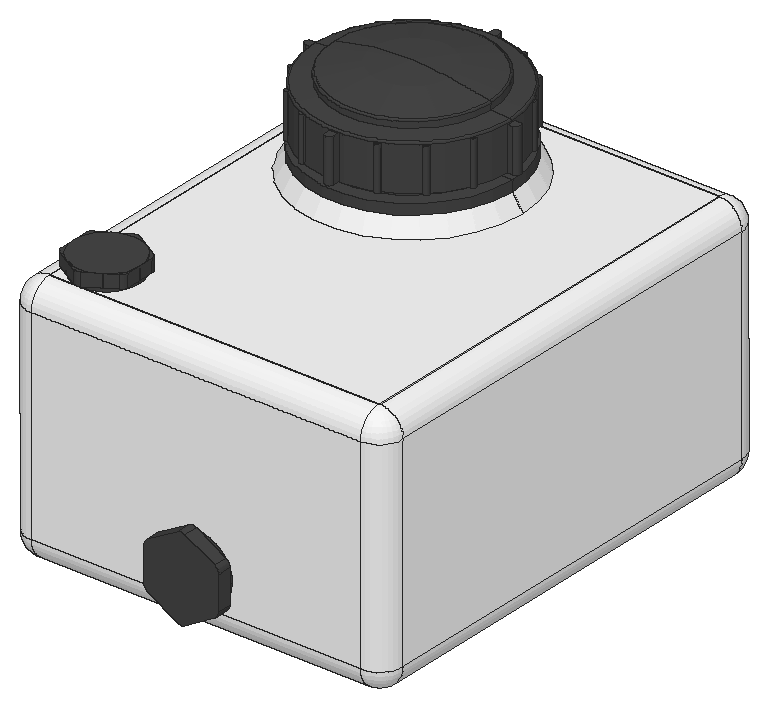
Revit family "Condensate_Neutralizers-Navien-Commercial", category Mechanical Equipment, host Face, Revit 2016
Family settings
  Host = Face
  Part Type = Normal
  Round Connector Dimension = Use Diameter
  OmniClass Number = 23.45.55.21
  OmniClass Title = Drains (Wastes)
  Cut with Voids When Loaded = No
  Shared = No
  Room Calculation Point = No
Parameters (values of type "Commercial Neutralizer - GXXX001325")
  Width = 15"  # constant formula
  Weight = 50.00 lbf  # constant formula
  Version = "2016 - v1.0.a"  # constant formula
  Vent = 0.75"  # constant formula
  URL = "https://www.navieninc.com"
  Type Comments = "Replacement Media Part No.: GXXX001329"  # constant formula
  Product Page URL = "https://www.navieninc.com/accessories/all"
  Product Name = "Light Commercial Neutralizer"  # constant formula
  Product Documentation Link = "Contact Navien for Product Documentation"
  Outlet = 1"  # constant formula
  Model = "GXXX001325"  # constant formula
  Material = ""
  Manufacturer Phone Number = "(949) 420-0420"  # constant formula
  Manufacturer Fax Number = "(949) 420-0430"  # constant formula
  Manufacturer Address = "20 Goodyear, Irvine, CA 92618"  # constant formula
  Manufacturer = "Navien, Inc."  # constant formula
  Keynote = ""
  Installation Type = "\u001fFloor Mounted. Place the neutralizer tank in a suitable area on the floor, then fill the empty tank with the proper\r\nneutralizing media to the maximum fill line."  # constant formula
  Inlet = 1"  # constant formula
  Height = 11.25"  # constant formula
  Flow Rate Note = "Max Flow Rate: 40 gph (151 lph)"  # constant formula
  Flow Rate = 0.15142 m³/h
  Finish = Plastic - Navien - White
  Description = "Neutralizer, Commercial – for up to 16 units"  # constant formula
  Depth = 12"  # constant formula
  Default Elevation = 48"
  Constraints = 6
  Copyright = "All contents copyright © Navien Inc."  # constant formula
  Assembly Code = ""
Reference planes (in)
  plane 1 "Center (Elevation)": y = 0
  plane 2: z = 0
  plane 3 "Center (Left/Right)": x = 0
  plane 4: x = 6
  plane 5: x = -6
  plane 6: y = 7.5
  plane 7: y = -7.5
  plane 8: x = -1.4999053
  plane 9: y = 2.9999031
  plane 10: z = 1.75
  plane 11: x = 3.7501473
  plane 12: z = 5.75
  plane 13: x = -4.25
  plane 14: y = -5.75
  plane 15: z = 1.75
  plane 16: x = -4.25
  plane 17: y = -5.75
Forms (in)
  Sweep 1, solid, material "Plastic - Navien - White" <- "Finish"
    path origin (0, 19.3238335, 4.3925) x (0, 1, 0) y (-1, 0, 0)
      loop
        line (-12.5738335, 6) -> (-26.0738335, 6)
        arc (-26.0738335, 6) -> (-26.6041636, 5.7803301) -> (-26.8238335, 5.25) r 0.75
        line (-26.8238335, 5.25) -> (-26.8238335, -5.25)
        arc (-26.8238335, -5.25) -> (-26.6041636, -5.7803301) -> (-26.0738335, -6) r 0.75
        line (-26.0738335, -6) -> (-12.5738335, -6)
        arc (-12.5738335, -6) -> (-12.0435035, -5.7803301) -> (-11.8238335, -5.25) r 0.75
        line (-11.8238335, -5.25) -> (-11.8238335, 5.25)
        arc (-11.8238335, 5.25) -> (-12.0435035, 5.7803301) -> (-12.5738335, 6) r 0.75
    profile origin (-6, 0, 4.3925) x (1, 0, 0) y (0, 0, 1)
      loop
        line (0, 2.8576327) -> (0, -3.6425)
        arc (0, -3.6425) -> (0.2117956, -4.1648371) -> (0.7275628, -4.3921643) r 0.75
        line (0.7275628, -4.3921643) -> (0.7275628, 3.607297)
        arc (0.7275628, 3.607297) -> (0.2117956, 3.3799698) -> (0, 2.8576327) r 0.75
  Extrusion 2, solid, material "Plastic - Navien - White" <- "Finish"
    sketch origin (0, 19.3238335, 4.3925) x (0, 1, 0) y (-1, 0, 0)
      loop
        arc (-12.5513963, 5.25) -> (-12.557968, 5.2658655) -> (-12.5738335, 5.2724372) r 0.0224372
        line (-12.5738335, 5.2724372) -> (-26.0738335, 5.2724372)
        arc (-26.0738335, 5.2724372) -> (-26.0896991, 5.2658655) -> (-26.0962708, 5.25) r 0.0224372
        line (-26.0962708, 5.25) -> (-26.0962708, -5.25)
        arc (-26.0962708, -5.25) -> (-26.0896991, -5.2658655) -> (-26.0738335, -5.2724372) r 0.0224372
        line (-26.0738335, -5.2724372) -> (-12.5738335, -5.2724372)
        arc (-12.5738335, -5.2724372) -> (-12.557968, -5.2658655) -> (-12.5513963, -5.25) r 0.0224372
        line (-12.5513963, -5.25) -> (-12.5513963, 5.25)
    from -4.3925 to 3.6074544
  Revolve 3, solid, material "Plastic - Navien - Black", detail levels medium+fine
    sketch origin (-1.787497, 2.9999031, 48) x (-1, 0, 0) y (0, 0, 1)
      loop
        line (2.211011, -37.3721655) -> (2.211011, -37.19005)
        arc (2.211011, -37.19005) -> (2.1979369, -37.1518946) -> (2.1642095, -37.129776) r 0.0622132
        arc (2.1642095, -37.129776) -> (0.9479747, -36.8987118) -> (-0.2875917, -36.8212946) r 9.896908
        line (-0.2875917, -36.8212946) -> (-0.2875917, -40.000203) -> (3.2134128, -40.000203) -> (2.9042022, -39.4646345) -> (2.9042022, -39.1339636) -> (2.4748544, -39.1339636) -> (2.4748544, -38.884144) -> (2.8487072, -38.884144) -> (2.8487072, -37.4848757)
        arc (2.8487072, -37.4848757) -> (2.834513, -37.4456415) -> (2.7985015, -37.4245707) r 0.0613209
        arc (2.7985015, -37.4245707) -> (2.5059795, -37.3846544) -> (2.211011, -37.3721655) r 3.165375
      axis (-0.2875917, -36.8212946) -> (-0.2875917, -40.000203)
    angle from 0 to 360
  Extrusion 4, solid, material "Plastic - Navien - Black", detail levels fine
    sketch origin (0, 19.3238335, 4.3925) x (0, 1, 0) y (-1, 0, 0)
      loop
        line (-13.011116, 1.629973) -> (-13.3442896, 1.629973) -> (-13.3442896, 1.3698317) -> (-13.011116, 1.3698317)
        arc (-13.011116, 1.3698317) -> (-12.8810453, 1.4999023) -> (-13.011116, 1.629973) r 0.1300707
      loop
        line (-13.4629524, 2.7858126) -> (-13.6900798, 2.6877613) -> (-13.6240071, 2.5215326) -> (-13.3916866, 2.6138756)
        arc (-13.3916866, 2.6138756) -> (-13.3400866, 2.7360011) -> (-13.4629524, 2.7858126) r 0.0930706
      loop
        arc (-16.1938628, 4.8127198) -> (-16.3239335, 4.9427904) -> (-16.4540041, 4.8127198) r 0.1300707
        line (-16.4540041, 4.8127198) -> (-16.4540041, 4.4795462) -> (-16.1938628, 4.4795462) -> (-16.1938628, 4.8127198)
      loop
        arc (-15.0380232, 4.3608833) -> (-15.0878347, 4.4837492) -> (-15.2099602, 4.4321491) r 0.0930706
        line (-15.2099602, 4.4321491) -> (-15.3023031, 4.1998287) -> (-15.1360745, 4.133756) -> (-15.0380232, 4.3608833)
      loop
        line (-14.1727307, 3.7826871) -> (-14.3450539, 3.6051888) -> (-14.2204031, 3.4768933) -> (-14.0410978, 3.6511047)
        arc (-14.0410978, 3.6511047) -> (-14.0401554, 3.7836804) -> (-14.1727307, 3.7826871) r 0.0930706
      loop
        arc (-13.4629524, 0.213998) -> (-13.3400866, 0.2638095) -> (-13.3916866, 0.385935) r 0.0930706
        line (-13.3916866, 0.385935) -> (-13.6240071, 0.478278) -> (-13.6900798, 0.3120493) -> (-13.4629524, 0.213998)
      loop
        line (-16.1938628, -1.8129092) -> (-16.1938628, -1.4797356) -> (-16.4540041, -1.4797356) -> (-16.4540041, -1.8129092)
        arc (-16.4540041, -1.8129092) -> (-16.3239335, -1.9429798) -> (-16.1938628, -1.8129092) r 0.1300707
      loop
        line (-15.0380232, -1.3610727) -> (-15.1360745, -1.1339454) -> (-15.3023031, -1.2000181) -> (-15.2099602, -1.4323386)
        arc (-15.2099602, -1.4323386) -> (-15.0878347, -1.4839386) -> (-15.0380232, -1.3610727) r 0.0930706
      loop
        arc (-14.1727307, -0.7828765) -> (-14.0401554, -0.7838698) -> (-14.0410978, -0.6512941) r 0.0930706
        line (-14.0410978, -0.6512941) -> (-14.2204031, -0.4770827) -> (-14.3450539, -0.6053783) -> (-14.1727307, -0.7828765)
      loop
        arc (-19.1849085, 2.7858126) -> (-19.3077744, 2.7360011) -> (-19.2561743, 2.6138756) r 0.0930706
        line (-19.2561743, 2.6138756) -> (-19.0238539, 2.5215326) -> (-18.9577812, 2.6877613) -> (-19.1849085, 2.7858126)
      loop
        line (-17.6098378, 4.3608833) -> (-17.5117865, 4.133756) -> (-17.3455578, 4.1998287) -> (-17.4379008, 4.4321491)
        arc (-17.4379008, 4.4321491) -> (-17.5600263, 4.4837492) -> (-17.6098378, 4.3608833) r 0.0930706
      loop
        arc (-18.4751302, 3.7826871) -> (-18.6077055, 3.7836804) -> (-18.6067632, 3.6511047) r 0.0930706
        line (-18.6067632, 3.6511047) -> (-18.4274579, 3.4768933) -> (-18.3028071, 3.6051888) -> (-18.4751302, 3.7826871)
      loop
        line (-19.1849085, 0.213998) -> (-18.9577812, 0.3120493) -> (-19.0238539, 0.478278) -> (-19.2561743, 0.385935)
        arc (-19.2561743, 0.385935) -> (-19.3077744, 0.2638095) -> (-19.1849085, 0.213998) r 0.0930706
      loop
        arc (-17.6098378, -1.3610727) -> (-17.5600263, -1.4839386) -> (-17.4379008, -1.4323386) r 0.0930706
        line (-17.4379008, -1.4323386) -> (-17.3455578, -1.2000181) -> (-17.5117865, -1.1339454) -> (-17.6098378, -1.3610727)
      loop
        line (-18.4751302, -0.7828765) -> (-18.3028071, -0.6053783) -> (-18.4274579, -0.4770827) -> (-18.6067632, -0.6512941)
        arc (-18.6067632, -0.6512941) -> (-18.6077055, -0.7838698) -> (-18.4751302, -0.7828765) r 0.0930706
      loop
        arc (-19.636745, 1.629973) -> (-19.7668156, 1.4999023) -> (-19.636745, 1.3698317) r 0.1300707
        line (-19.636745, 1.3698317) -> (-19.3035714, 1.3698317) -> (-19.3035714, 1.629973) -> (-19.636745, 1.629973)
    from 4.723356 to 6.1035109
  Extrusion 5, solid, material "Plastic - Navien - Black", detail levels medium+fine
    sketch origin (0, 0, 0) x (1, 0, 0) y (0, 0, 1)
      loop
        line (1.0623827, 2.5077045) -> (0.125, 3.0489027)
        arc (0.125, 3.0489027) -> (0, 3.0823964) -> (-0.125, 3.0489027) r 0.25
        line (-0.125, 3.0489027) -> (-1.0623827, 2.5077045)
        arc (-1.0623827, 2.5077045) -> (-1.1538891, 2.4161982) -> (-1.1873827, 2.2911982) r 0.25
        line (-1.1873827, 2.2911982) -> (-1.1873827, 1.2088018)
        arc (-1.1873827, 1.2088018) -> (-1.1538891, 1.0838018) -> (-1.0623827, 0.9922955) r 0.25
        line (-1.0623827, 0.9922955) -> (-0.125, 0.4510973)
        arc (-0.125, 0.4510973) -> (0, 0.4176036) -> (0.125, 0.4510973) r 0.25
        line (0.125, 0.4510973) -> (1.0623827, 0.9922955)
        arc (1.0623827, 0.9922955) -> (1.1538891, 1.0838018) -> (1.1873827, 1.2088018) r 0.25
        line (1.1873827, 1.2088018) -> (1.1873827, 2.2911982)
        arc (1.1873827, 2.2911982) -> (1.1538891, 2.4161982) -> (1.0623827, 2.5077045) r 0.25
    from 7.6440944 to 8.0940799
  Revolve 6, solid, material "Plastic - Navien - Black"
    sketch origin (-1.1873827, -180, 1.75) x (-1, 0, 0) y (0, -1, 0)
      loop
        line (-1.1873827, -172.5) -> (-0.0424487, -172.5) -> (-0.0424487, -172.3559056) -> (-1.1873827, -172.3559056) -> (-1.1873827, -172.5)
      axis (-1.1873827, -172.5) -> (-1.1873827, -172.3559056)
    angle from 0 to 360
  Extrusion 7, solid, material "Plastic - Navien - Black", detail levels medium+fine
    sketch origin (3.7501473, 0, 0) x (1, 0, 0) y (0, 0, -1)
      loop
        arc (1.0623827, -6.5077045) -> (1.1538891, -6.4161982) -> (1.1873827, -6.2911982) r 0.25
        line (1.1873827, -6.2911982) -> (1.1873827, -5.2088018)
        arc (1.1873827, -5.2088018) -> (1.1538891, -5.0838018) -> (1.0623827, -4.9922955) r 0.25
        line (1.0623827, -4.9922955) -> (0.125, -4.4510973)
        arc (0.125, -4.4510973) -> (0, -4.4176036) -> (-0.125, -4.4510973) r 0.25
        line (-0.125, -4.4510973) -> (-1.0623827, -4.9922955)
        arc (-1.0623827, -4.9922955) -> (-1.1538891, -5.0838018) -> (-1.1873827, -5.2088018) r 0.25
        line (-1.1873827, -5.2088018) -> (-1.1873827, -6.2911982)
        arc (-1.1873827, -6.2911982) -> (-1.1538891, -6.4161982) -> (-1.0623827, -6.5077045) r 0.25
        line (-1.0623827, -6.5077045) -> (-0.125, -7.0489027)
        arc (-0.125, -7.0489027) -> (0, -7.0823964) -> (0.125, -7.0489027) r 0.25
        line (0.125, -7.0489027) -> (1.0623827, -6.5077045)
    from 7.6440944 to 8.0940799
  Revolve 8, solid, material "Plastic - Navien - Black"
    sketch origin (1.6039114, -180, 5.75) x (-1, 0, 0) y (0, -1, 0)
      loop
        line (-2.1462358, -187.5) -> (-2.1462358, -187.6440944) -> (-1.0013018, -187.6440944) -> (-1.0013018, -187.5) -> (-2.1462358, -187.5)
      axis (-2.1462358, -187.5) -> (-2.1462358, -187.6440944)
    angle from 0 to 360
  Extrusion 9, solid, material "Plastic - Navien - Black", detail levels medium+fine
    sketch origin (0, 19.3238335, 4.3925) x (0, 1, 0) y (-1, 0, 0)
      loop
        line (-24.3972149, 3.3013084) -> (-23.9139332, 4.1383769)
        arc (-23.9139332, 4.1383769) -> (-23.8840239, 4.25) -> (-23.9139332, 4.3616231) r 0.2232462
        line (-23.9139332, 4.3616231) -> (-24.3972149, 5.1986916)
        arc (-24.3972149, 5.1986916) -> (-24.4789287, 5.2804054) -> (-24.5905518, 5.3103147) r 0.2232462
        line (-24.5905518, 5.3103147) -> (-25.5571153, 5.3103147)
        arc (-25.5571153, 5.3103147) -> (-25.6687384, 5.2804054) -> (-25.7504522, 5.1986916) r 0.2232462
        line (-25.7504522, 5.1986916) -> (-26.2337339, 4.3616231)
        arc (-26.2337339, 4.3616231) -> (-26.2636432, 4.25) -> (-26.2337339, 4.1383769) r 0.2232462
        line (-26.2337339, 4.1383769) -> (-25.7504522, 3.3013084)
        arc (-25.7504522, 3.3013084) -> (-25.6687384, 3.2195946) -> (-25.5571153, 3.1896853) r 0.2232462
        line (-25.5571153, 3.1896853) -> (-24.5905518, 3.1896853)
        arc (-24.5905518, 3.1896853) -> (-24.4789287, 3.2195946) -> (-24.3972149, 3.3013084) r 0.2232462
    from 3.7361405 to 4.1378449
  Revolve 10, solid, material "Plastic - Navien - Black"
    sketch origin (0, -5.7500449, 0) x (1, 0, 0) y (0, 0, 1)
      loop
        line (-4.25, 8.1286405) -> (-4.25, 7.9999544) -> (-3.2276274, 7.9999544) -> (-3.2276274, 8.1286405) -> (-4.25, 8.1286405)
      axis (-4.25, 8.1286405) -> (-4.25, 7.9999544)
    angle from 0 to 360
  Revolve 11, solid, material "Plastic - Navien - Black", detail levels coarse
    sketch origin (-1.787497, 2.9999031, 48) x (-1, 0, 0) y (0, 0, 1)
      loop
        line (2.211011, -37.3721655) -> (2.211011, -36.8212946) -> (-0.2875917, -36.8212946) -> (-0.2875917, -40.000203) -> (3.2134128, -40.000203) -> (2.9042022, -39.4646345) -> (2.9042022, -39.1339636) -> (2.8487072, -39.1339636) -> (2.8487072, -37.3721655) -> (2.211011, -37.3721655)
      axis (-0.2875917, -36.8212946) -> (-0.2875917, -40.000203)
    angle from 0 to 360
  Extrusion 12, solid, material "Plastic - Navien - Black", detail levels coarse
    sketch origin (0, 0, 0) x (1, 0, 0) y (0, 0, 1)
      loop
        circle (0, 1.75) r 1.1873827
    from 7.6440944 to 8.0940799
  Extrusion 13, solid, material "Plastic - Navien - Black", detail levels coarse
    sketch origin (3.7501473, 0, 0) x (1, 0, 0) y (0, 0, -1)
      loop
        circle (0, -5.75) r 1.1873827
    from 7.6440944 to 8.0940799
  Extrusion 14, solid, material "Plastic - Navien - Black"
    sketch origin (0, 19.3238335, 4.3925) x (0, 1, 0) y (-1, 0, 0)
      loop
        circle (-25.0738335, 4.25) r 1.0603147
    from 3.7361405 to 4.1378449
Dimensions and locks (in)
  locked: host sketch curve to plane 3 "Center (Left/Right)" at 24.1875  (x60)
  locked: host sketch curve to plane 1 "Center (Elevation)" at 22  (x60)
  plane 10 to level = 1.75"
  plane 12 to level = 5.75"
  plane 5 to plane 13 = 1.75"
  plane 14 to plane 7 = 1.75"
  locked: Sweep 1 to plane 3 "Center (Left/Right)" at 6  (x4)
  locked: Sweep 1 to plane 3 "Center (Left/Right)" at 5.2724372  (x4)
  locked: Sweep 1 sketch curve to plane 3 "Center (Left/Right)" at 6  (x30)
  locked: Sweep 1 sketch curve to plane 3 "Center (Left/Right)" at 5.25  (x16)
  locked: Sweep 1 sketch curve to plane 3 "Center (Left/Right)" at 4.5  (x6)
  locked: Sweep 1 sketch curve to plane 3 "Center (Left/Right)" at 5.2724372  (x10)
  locked: Sweep 1 to plane 1 "Center (Elevation)" at 7.5  (x4)
  locked: Sweep 1 to plane 1 "Center (Elevation)" at 6.7724372  (x4)
  locked: Sweep 1 sketch curve to plane 1 "Center (Elevation)" at 6.75  (x16)
  locked: Sweep 1 sketch curve to plane 1 "Center (Elevation)" at 7.5  (x20)
  locked: Sweep 1 sketch curve to plane 1 "Center (Elevation)" at 6  (x4)
  locked: Sweep 1 sketch curve to level at 4.3925  (x48)
  locked: Sweep 1 sketch curve to level at 0.75  (x4)
  locked: Sweep 1 sketch curve to level at 0
  locked: Sweep 1 sketch curve to level at 7.999797  (x4)
  locked: Sweep 1 sketch curve to level at 7.2501327  (x4)
  locked: Sweep 1 sketch curve to level at 6.5001327
  locked: Extrusion 2 to plane 3 "Center (Left/Right)" at 5.2724372  (x4)
  locked: Extrusion 2 sketch curve to plane 3 "Center (Left/Right)" at 5.2724372  (x20)
  locked: Extrusion 2 sketch curve to plane 3 "Center (Left/Right)" at 5.25  (x16)
  locked: Extrusion 2 sketch curve to plane 3 "Center (Left/Right)" at 5.2275628  (x4)
  locked: Extrusion 2 to plane 1 "Center (Elevation)" at 6.7724372  (x4)
  locked: Extrusion 2 sketch curve to plane 1 "Center (Elevation)" at 6.75  (x16)
  locked: Extrusion 2 sketch curve to plane 1 "Center (Elevation)" at 6.7724372  (x20)
  locked: Extrusion 2 sketch curve to plane 1 "Center (Elevation)" at 6.7275628  (x4)
  locked: Extrusion 2 to level at 7.9999544  (x2)
  locked: Extrusion 2 sketch curve to level at 4.3925  (x48)
  locked: Revolve 3 sketch curve to plane 3 "Center (Left/Right)" at 3.998508  (x10)
  locked: Revolve 3 sketch curve to plane 3 "Center (Left/Right)" at 3.9517065  (x4)
  locked: Revolve 3 sketch curve to plane 3 "Center (Left/Right)" at 1.4999053  (x16)
  locked: Revolve 3 sketch curve to plane 3 "Center (Left/Right)" at 5.0009098  (x4)
  locked: Revolve 3 sketch curve to plane 3 "Center (Left/Right)" at 4.6916992  (x10)
  locked: Revolve 3 sketch curve to plane 3 "Center (Left/Right)" at 4.2623513  (x10)
  locked: Revolve 3 sketch curve to plane 3 "Center (Left/Right)" at 4.6362042  (x10)
  locked: Revolve 3 sketch curve to plane 3 "Center (Left/Right)" at 4.5859985  (x4)
  locked: Revolve 3 sketch curve to plane 1 "Center (Elevation)" at 2.9999031  (x84)
  locked: Revolve 3 sketch curve to plane 3 "Center (Left/Right)" at 3.8740816
  locked: plane 3 "Center (Left/Right)" to Revolve 3 sketch curve at 11.3969084
  locked: Revolve 3 sketch curve to plane 3 "Center (Left/Right)" at 4.5135625
  locked: Revolve 3 sketch curve to plane 3 "Center (Left/Right)" at 0.8468613
  locked: Revolve 3 to level at 9.115856  (x4)
  locked: Revolve 3 to level at 8.8660364  (x4)
  locked: Revolve 3 to level at 7.999797  (x4)
  locked: Revolve 3 sketch curve to level at 10.80995  (x4)
  locked: Revolve 3 sketch curve to level at 10.870224  (x4)
  locked: Revolve 3 sketch curve to level at 10.7477368
  locked: Revolve 3 sketch curve to level at 11.1787054  (x4)
  locked: level to Revolve 3 sketch curve at 8.6151106
  locked: Revolve 3 sketch curve to level at 7.999797  (x10)
  locked: Revolve 3 sketch curve to level at 8.5353655  (x4)
  locked: Revolve 3 sketch curve to level at 8.8660364  (x10)
  locked: Revolve 3 sketch curve to level at 9.115856  (x10)
  locked: Revolve 3 sketch curve to level at 10.5151243  (x4)
  locked: Revolve 3 sketch curve to level at 10.5754293  (x4)
  locked: Revolve 3 sketch curve to level at 10.4538034
  locked: Revolve 3 sketch curve to level at 10.6278345  (x4)
  locked: Revolve 3 sketch curve to level at 4.2971142
  locked: Revolve 3 sketch curve to level at 15.2499544  (x2)
  locked: Revolve 3 sketch curve to level at 1.8797416  (x2)
  locked: Extrusion 4 to plane 3 "Center (Left/Right)" at 1.3698317  (x4)
  locked: Extrusion 4 to plane 3 "Center (Left/Right)" at 1.629973  (x4)
  locked: Extrusion 4 to plane 3 "Center (Left/Right)" at 4.4795462  (x2)
  locked: Extrusion 4 to plane 3 "Center (Left/Right)" at 1.4797356  (x2)
  locked: Extrusion 4 sketch curve to plane 3 "Center (Left/Right)" at 1.629973  (x20)
  locked: Extrusion 4 sketch curve to plane 3 "Center (Left/Right)" at 1.3698317  (x22)
  locked: Extrusion 4 sketch curve to plane 3 "Center (Left/Right)" at 2.6138756  (x8)
  locked: Extrusion 4 sketch curve to plane 3 "Center (Left/Right)" at 2.5215326  (x8)
  locked: Extrusion 4 sketch curve to plane 3 "Center (Left/Right)" at 2.6877613  (x8)
  locked: Extrusion 4 sketch curve to plane 3 "Center (Left/Right)" at 2.7858126  (x8)
  locked: Extrusion 4 sketch curve to plane 3 "Center (Left/Right)" at 2.6072938  (x2)
  locked: Extrusion 4 sketch curve to plane 3 "Center (Left/Right)" at 4.4795462  (x10)
  locked: Extrusion 4 sketch curve to plane 3 "Center (Left/Right)" at 4.8127198  (x8)
  locked: Extrusion 4 sketch curve to plane 3 "Center (Left/Right)" at 4.6826491
  locked: Extrusion 4 sketch curve to plane 3 "Center (Left/Right)" at 4.4321491  (x8)
  locked: Extrusion 4 sketch curve to plane 3 "Center (Left/Right)" at 4.1998287  (x8)
  locked: Extrusion 4 sketch curve to plane 3 "Center (Left/Right)" at 4.133756  (x8)
  locked: Extrusion 4 sketch curve to plane 3 "Center (Left/Right)" at 4.3608833  (x8)
  locked: Extrusion 4 sketch curve to plane 3 "Center (Left/Right)" at 4.3047009  (x2)
  locked: Extrusion 4 sketch curve to plane 3 "Center (Left/Right)" at 3.6511047  (x8)
  locked: Extrusion 4 sketch curve to plane 3 "Center (Left/Right)" at 3.4768933  (x8)
  locked: Extrusion 4 sketch curve to plane 3 "Center (Left/Right)" at 3.6051888  (x8)
  locked: Extrusion 4 sketch curve to plane 3 "Center (Left/Right)" at 3.7826871  (x8)
  locked: Extrusion 4 sketch curve to plane 3 "Center (Left/Right)" at 3.6247863  (x2)
  locked: Extrusion 4 sketch curve to plane 3 "Center (Left/Right)" at 0.385935  (x8)
  locked: Extrusion 4 sketch curve to plane 3 "Center (Left/Right)" at 0.478278  (x8)
  locked: Extrusion 4 sketch curve to plane 3 "Center (Left/Right)" at 0.3120493  (x8)
  locked: Extrusion 4 sketch curve to plane 3 "Center (Left/Right)" at 0.213998  (x8)
  locked: Extrusion 4 sketch curve to plane 3 "Center (Left/Right)" at 0.2063756  (x2)
  locked: Extrusion 4 sketch curve to plane 3 "Center (Left/Right)" at 1.4797356  (x10)
  locked: Extrusion 4 sketch curve to plane 3 "Center (Left/Right)" at 1.8129092  (x8)
  locked: Extrusion 4 sketch curve to plane 3 "Center (Left/Right)" at 1.6828385
  locked: Extrusion 4 sketch curve to plane 3 "Center (Left/Right)" at 1.4323386  (x8)
  locked: Extrusion 4 sketch curve to plane 3 "Center (Left/Right)" at 1.2000181  (x8)
  locked: Extrusion 4 sketch curve to plane 3 "Center (Left/Right)" at 1.1339454  (x8)
  locked: Extrusion 4 sketch curve to plane 3 "Center (Left/Right)" at 1.3610727  (x8)
  locked: Extrusion 4 sketch curve to plane 3 "Center (Left/Right)" at 1.3048903  (x2)
  locked: Extrusion 4 sketch curve to plane 3 "Center (Left/Right)" at 0.6512941  (x8)
  locked: Extrusion 4 sketch curve to plane 3 "Center (Left/Right)" at 0.4770827  (x8)
  locked: Extrusion 4 sketch curve to plane 3 "Center (Left/Right)" at 0.6053783  (x8)
  locked: Extrusion 4 sketch curve to plane 3 "Center (Left/Right)" at 0.7828765  (x8)
  locked: Extrusion 4 sketch curve to plane 3 "Center (Left/Right)" at 0.6249757  (x2)
  locked: Extrusion 4 to plane 1 "Center (Elevation)" at 5.979544  (x2)
  locked: Extrusion 4 to plane 1 "Center (Elevation)" at 3.1299708  (x4)
  locked: Extrusion 4 to plane 1 "Center (Elevation)" at 2.8698294  (x4)
  locked: Extrusion 4 sketch curve to plane 1 "Center (Elevation)" at 5.979544  (x10)
  locked: Extrusion 4 sketch curve to plane 1 "Center (Elevation)" at 6.3127175  (x8)
  locked: Extrusion 4 sketch curve to plane 1 "Center (Elevation)" at 6.1826469
  locked: Extrusion 4 sketch curve to plane 1 "Center (Elevation)" at 5.9321469  (x8)
  locked: Extrusion 4 sketch curve to plane 1 "Center (Elevation)" at 5.6998265  (x8)
  locked: Extrusion 4 sketch curve to plane 1 "Center (Elevation)" at 5.6337538  (x8)
  locked: Extrusion 4 sketch curve to plane 1 "Center (Elevation)" at 5.8608811  (x8)
  locked: Extrusion 4 sketch curve to plane 1 "Center (Elevation)" at 5.8046987  (x2)
  locked: Extrusion 4 sketch curve to plane 1 "Center (Elevation)" at 3.1299708  (x20)
  locked: Extrusion 4 sketch curve to plane 1 "Center (Elevation)" at 2.8698294  (x22)
  locked: Extrusion 4 sketch curve to plane 1 "Center (Elevation)" at 4.1138734  (x8)
  locked: Extrusion 4 sketch curve to plane 1 "Center (Elevation)" at 4.0215304  (x8)
  locked: Extrusion 4 sketch curve to plane 1 "Center (Elevation)" at 4.1877591  (x8)
  locked: Extrusion 4 sketch curve to plane 1 "Center (Elevation)" at 4.2858104  (x8)
  locked: Extrusion 4 sketch curve to plane 1 "Center (Elevation)" at 4.1072916  (x2)
  locked: Extrusion 4 sketch curve to plane 1 "Center (Elevation)" at 5.2827357  (x8)
  locked: Extrusion 4 sketch curve to plane 1 "Center (Elevation)" at 5.1034304  (x8)
  locked: Extrusion 4 sketch curve to plane 1 "Center (Elevation)" at 4.9787797  (x8)
  locked: Extrusion 4 sketch curve to plane 1 "Center (Elevation)" at 5.1511028  (x8)
  locked: Extrusion 4 sketch curve to plane 1 "Center (Elevation)" at 5.1248093  (x2)
  locked: Extrusion 4 sketch curve to plane 1 "Center (Elevation)" at 0.0676592  (x8)
  locked: Extrusion 4 sketch curve to plane 1 "Center (Elevation)" at 0.2999796  (x8)
  locked: Extrusion 4 sketch curve to plane 1 "Center (Elevation)" at 0.3660524  (x8)
  locked: Extrusion 4 sketch curve to plane 1 "Center (Elevation)" at 0.138925  (x8)
  locked: Extrusion 4 sketch curve to plane 1 "Center (Elevation)" at 0.0089663  (x2)
  locked: Extrusion 4 sketch curve to plane 1 "Center (Elevation)" at 1.8859328  (x8)
  locked: Extrusion 4 sketch curve to plane 1 "Center (Elevation)" at 1.9782757  (x8)
  locked: Extrusion 4 sketch curve to plane 1 "Center (Elevation)" at 1.8120471  (x8)
  locked: Extrusion 4 sketch curve to plane 1 "Center (Elevation)" at 1.7139958  (x8)
  locked: Extrusion 4 sketch curve to plane 1 "Center (Elevation)" at 1.7063734  (x2)
  locked: Extrusion 4 sketch curve to plane 1 "Center (Elevation)" at 0.7170704  (x8)
  locked: Extrusion 4 sketch curve to plane 1 "Center (Elevation)" at 0.8963757  (x8)
  locked: Extrusion 4 sketch curve to plane 1 "Center (Elevation)" at 1.0210265  (x8)
  locked: Extrusion 4 sketch curve to plane 1 "Center (Elevation)" at 0.8487033  (x8)
  locked: Extrusion 4 sketch curve to plane 1 "Center (Elevation)" at 0.6888556  (x2)
  locked: Extrusion 4 sketch curve to plane 1 "Center (Elevation)" at 0.3129114  (x8)
  locked: Extrusion 4 sketch curve to plane 1 "Center (Elevation)" at 0.1828408
  locked: Extrusion 4 to level at 10.4960109  (x2)
  locked: Extrusion 4 to level at 9.115856  (x2)
  locked: Extrusion 4 sketch curve to level at 4.3925  (x384)
  locked: Extrusion 5 to plane 3 "Center (Left/Right)" at 1.1873827  (x4)
  locked: Extrusion 5 sketch curve to plane 3 "Center (Left/Right)" at 0.125  (x16)
  locked: Extrusion 5 sketch curve to plane 3 "Center (Left/Right)" at 1.0623827  (x16)
  locked: Extrusion 5 sketch curve to plane 3 "Center (Left/Right)" at 1.1873827  (x20)
  locked: Extrusion 5 to plane 1 "Center (Elevation)" at 8.0940799  (x2)
  locked: Extrusion 5 to plane 1 "Center (Elevation)" at 7.6440944  (x2)
  locked: plane 3 "Center (Left/Right)" to Extrusion 5 sketch curve at 0.25  (x2)
  locked: Extrusion 5 sketch curve to plane 3 "Center (Left/Right)" at 0.6873827  (x4)
  locked: Extrusion 5 sketch curve to level at 3.0489027  (x8)
  locked: Extrusion 5 sketch curve to level at 2.5823964
  locked: Extrusion 5 sketch curve to level at 2.5077045  (x8)
  locked: Extrusion 5 sketch curve to level at 2.2911982  (x8)
  locked: Extrusion 5 sketch curve to level at 2.0411982  (x2)
  locked: Extrusion 5 sketch curve to level at 1.2088018  (x8)
  locked: Extrusion 5 sketch curve to level at 0.9922955  (x8)
  locked: Extrusion 5 sketch curve to level at 0.9588018  (x2)
  locked: Extrusion 5 sketch curve to level at 0.4510973  (x8)
  locked: Extrusion 5 sketch curve to level at 0.4176036
  locked: Revolve 6 sketch curve to plane 3 "Center (Left/Right)" at 1.144934  (x10)
  locked: Revolve 6 to plane 1 "Center (Elevation)" at 7.6440944  (x4)
  locked: Revolve 6 to plane 1 "Center (Elevation)" at 7.5  (x4)
  locked: Revolve 6 sketch curve to plane 1 "Center (Elevation)" at 7.5  (x10)
  locked: Revolve 6 sketch curve to plane 1 "Center (Elevation)" at 7.6440944  (x10)
  locked: Revolve 6 sketch curve to plane 1 "Center (Elevation)" at 4.8401091  (x2)
  locked: Revolve 6 sketch curve to plane 1 "Center (Elevation)" at 9.9508442  (x2)
  locked: Revolve 6 sketch curve to level at 1.75  (x30)
  locked: Extrusion 7 to plane 3 "Center (Left/Right)" at 4.93753  (x2)
  locked: Extrusion 7 to plane 3 "Center (Left/Right)" at 2.5627645  (x2)
  locked: Extrusion 7 sketch curve to plane 3 "Center (Left/Right)" at 3.8751473  (x8)
  locked: Extrusion 7 sketch curve to plane 3 "Center (Left/Right)" at 3.6251473  (x8)
  locked: Extrusion 7 sketch curve to plane 3 "Center (Left/Right)" at 2.6877645  (x8)
  locked: Extrusion 7 sketch curve to plane 3 "Center (Left/Right)" at 2.5627645  (x12)
  locked: Extrusion 7 sketch curve to plane 3 "Center (Left/Right)" at 4.81253  (x8)
  locked: Extrusion 7 sketch curve to plane 3 "Center (Left/Right)" at 4.93753  (x10)
  locked: Extrusion 7 to plane 1 "Center (Elevation)" at 8.0940799  (x2)
  locked: Extrusion 7 to plane 1 "Center (Elevation)" at 7.6440944  (x2)
  locked: Extrusion 7 sketch curve to plane 3 "Center (Left/Right)" at 3.5001473  (x2)
  locked: Extrusion 7 sketch curve to plane 3 "Center (Left/Right)" at 4.43753  (x2)
  locked: Extrusion 7 sketch curve to level at 7.0489027  (x8)
  locked: Extrusion 7 sketch curve to level at 6.5823964
  locked: Extrusion 7 sketch curve to level at 6.5077045  (x8)
  locked: Extrusion 7 sketch curve to level at 6.2911982  (x8)
  locked: Extrusion 7 sketch curve to level at 6.0411982  (x2)
  locked: Extrusion 7 sketch curve to level at 5.2088018  (x8)
  locked: Extrusion 7 sketch curve to level at 4.9922955  (x8)
  locked: Extrusion 7 sketch curve to level at 4.9588018  (x2)
  locked: Extrusion 7 sketch curve to level at 4.4510973  (x8)
  locked: Extrusion 7 sketch curve to level at 4.4176036
  locked: Revolve 8 sketch curve to plane 3 "Center (Left/Right)" at 2.6052132  (x10)
  locked: Revolve 8 sketch curve to plane 3 "Center (Left/Right)" at 3.7501473  (x16)
  locked: Revolve 8 to plane 1 "Center (Elevation)" at 7.6440944  (x4)
  locked: Revolve 8 to plane 1 "Center (Elevation)" at 7.5  (x4)
  locked: Revolve 8 sketch curve to plane 1 "Center (Elevation)" at 7.5  (x10)
  locked: Revolve 8 sketch curve to plane 1 "Center (Elevation)" at 7.6440944  (x10)
  locked: Revolve 8 sketch curve to plane 1 "Center (Elevation)" at 4.8401091  (x2)
  locked: Revolve 8 sketch curve to plane 1 "Center (Elevation)" at 9.9508442  (x2)
  locked: Revolve 8 sketch curve to level at 5.75  (x30)
  locked: Extrusion 9 to plane 3 "Center (Left/Right)" at 5.3103147  (x2)
  locked: Extrusion 9 to plane 3 "Center (Left/Right)" at 3.1896853  (x2)
  locked: Extrusion 9 sketch curve to plane 3 "Center (Left/Right)" at 4.1383769  (x8)
  locked: Extrusion 9 sketch curve to plane 3 "Center (Left/Right)" at 4.3616231  (x8)
  locked: Extrusion 9 sketch curve to plane 3 "Center (Left/Right)" at 4.0267538  (x2)
  locked: Extrusion 9 sketch curve to plane 3 "Center (Left/Right)" at 5.1986916  (x8)
  locked: Extrusion 9 sketch curve to plane 3 "Center (Left/Right)" at 5.3103147  (x10)
  locked: Extrusion 9 sketch curve to plane 3 "Center (Left/Right)" at 4.8638223  (x2)
  locked: Extrusion 9 sketch curve to plane 3 "Center (Left/Right)" at 3.3013084  (x8)
  locked: Extrusion 9 sketch curve to plane 3 "Center (Left/Right)" at 3.1896853  (x12)
  locked: Extrusion 9 sketch curve to plane 1 "Center (Elevation)" at 4.5900996  (x8)
  locked: Extrusion 9 sketch curve to plane 1 "Center (Elevation)" at 4.5601903
  locked: Extrusion 9 sketch curve to plane 1 "Center (Elevation)" at 5.0733814  (x8)
  locked: Extrusion 9 sketch curve to plane 1 "Center (Elevation)" at 5.2667183  (x8)
  locked: Extrusion 9 sketch curve to plane 1 "Center (Elevation)" at 5.0434721  (x2)
  locked: Extrusion 9 sketch curve to plane 1 "Center (Elevation)" at 6.2332817  (x8)
  locked: Extrusion 9 sketch curve to plane 1 "Center (Elevation)" at 6.4266186  (x8)
  locked: Extrusion 9 sketch curve to plane 1 "Center (Elevation)" at 6.0100355  (x2)
  locked: Extrusion 9 sketch curve to plane 1 "Center (Elevation)" at 6.9099004  (x8)
  locked: Extrusion 9 sketch curve to plane 1 "Center (Elevation)" at 6.4933173
  locked: Extrusion 9 to level at 8.5303449  (x2)
  locked: Extrusion 9 to level at 8.1286405  (x2)
  locked: Extrusion 9 sketch curve to level at 4.3925  (x72)
  locked: Revolve 10 sketch curve to plane 3 "Center (Left/Right)" at 3.2276274  (x10)
  locked: Revolve 10 sketch curve to plane 3 "Center (Left/Right)" at 4.25  (x16)
  locked: Revolve 10 sketch curve to plane 1 "Center (Elevation)" at 5.7500449  (x30)
  locked: Revolve 10 to level at 8.1286405  (x4)
  locked: Revolve 10 to level at 7.9999544  (x4)
  locked: Revolve 10 sketch curve to level at 8.1286405  (x12)
  locked: Revolve 10 sketch curve to level at 7.9999544  (x10)
  locked: Revolve 10 sketch curve to level at 6.7948994  (x2)
  locked: Revolve 11 sketch curve to plane 3 "Center (Left/Right)" at 1.4999053  (x16)
  locked: Revolve 11 sketch curve to plane 3 "Center (Left/Right)" at 3.998508  (x10)
  locked: Revolve 11 sketch curve to plane 3 "Center (Left/Right)" at 5.0009098  (x4)
  locked: Revolve 11 sketch curve to plane 3 "Center (Left/Right)" at 4.6916992  (x10)
  locked: Revolve 11 sketch curve to plane 3 "Center (Left/Right)" at 4.6362042  (x10)
  locked: Revolve 11 sketch curve to plane 1 "Center (Elevation)" at 2.9999031  (x60)
  locked: Revolve 11 to level at 7.999797  (x4)
  locked: Revolve 11 to level at 11.1787054  (x4)
  locked: Revolve 11 to level at 8.8660364  (x4)
  locked: Revolve 11 to level at 10.6278345  (x4)
  locked: Revolve 11 sketch curve to level at 11.1787054  (x10)
  locked: Revolve 11 sketch curve to level at 7.999797  (x10)
  locked: Revolve 11 sketch curve to level at 8.5353655  (x4)
  locked: Revolve 11 sketch curve to level at 8.8660364  (x10)
  locked: Revolve 11 sketch curve to level at 10.6278345  (x10)
  locked: Revolve 11 sketch curve to level at 15.2499544  (x2)
  locked: Revolve 11 sketch curve to level at 1.8797416  (x2)
  locked: Extrusion 12 to plane 1 "Center (Elevation)" at 8.0940799  (x2)
  locked: Extrusion 12 to plane 1 "Center (Elevation)" at 7.6440944  (x2)
  locked: plane 3 "Center (Left/Right)" to Extrusion 12 sketch curve at 1.1873827  (x2)
  locked: Extrusion 12 sketch curve to level at 0.5626173  (x2)
  locked: Extrusion 13 to plane 1 "Center (Elevation)" at 8.0940799  (x2)
  locked: Extrusion 13 to plane 1 "Center (Elevation)" at 7.6440944  (x2)
  locked: Extrusion 13 sketch curve to plane 3 "Center (Left/Right)" at 2.5627645  (x2)
  locked: Extrusion 13 sketch curve to level at 4.5626173  (x2)
  locked: Extrusion 14 sketch curve to plane 3 "Center (Left/Right)" at 3.1896853  (x2)
  locked: Extrusion 14 sketch curve to plane 1 "Center (Elevation)" at 4.6896853  (x2)
  locked: Extrusion 14 to level at 8.5303449  (x2)
  locked: Extrusion 14 to level at 8.1286405  (x2)
  locked: Extrusion 14 sketch curve to level at 4.3925  (x4)
  aligned and locked: plane 2 to host face
  aligned and locked: level to host face
Connectors (in)
  piping at (3.7501473, 8.0940799, 5.75), diameter 1, driven by "Outlet"
    settings: on Extrusion 13, index 1, connector inside diameter 24", connector length 0", flow factor 0, pipe flow 0 m³/h, pressure drop 0.00 psi, fitting loss kfactor 0, connector angle 0.00°, fixture units 0, engagement length 0", angle of deflection 0.00°, flow configuration 0, flow direction 2, fitting loss method 0, system type 16, joint type 0, gender type 0, connector reference index -1, connector utility 0, adjustable connector no, is connector primary yes, connector description "Condensate Outlet"
  piping at (-4.25, -5.75, 8.5303449), diameter 0.75, driven by "Vent"
    settings: on Extrusion 14, index 2, connector inside diameter 24", connector length 0", flow factor 0, pipe flow 0 m³/h, pressure drop 0.00 psi, fitting loss kfactor 0, connector angle 0.00°, fixture units 0, engagement length 0", angle of deflection 0.00°, flow configuration 0, flow direction 2, fitting loss method 0, system type 17, joint type 0, gender type 0, connector reference index -1, connector utility 0, adjustable connector no, is connector primary no, connector description "Vent Connection"
  piping at (0, -8.0940799, 1.75), diameter 1, driven by "Inlet"
    settings: on Extrusion 12, index 3, connector inside diameter 24", connector length 0", flow factor 0, pipe flow 0 m³/h, pressure drop 0.00 psi, fitting loss kfactor 0, connector angle 0.00°, fixture units 0, engagement length 0", angle of deflection 0.00°, flow configuration 0, flow direction 1, fitting loss method 0, system type 16, joint type 0, gender type 0, connector reference index -1, connector utility 0, adjustable connector no, is connector primary no, connector description "Condensate Inlet"
